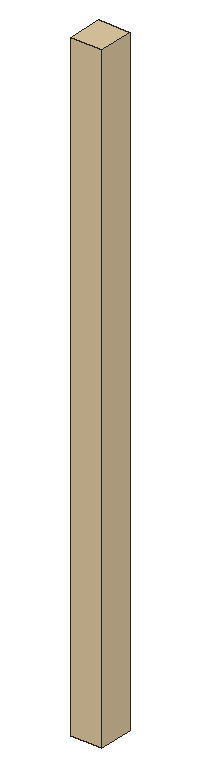
Revit family
Parameters (values of type "127 x 140")
  b = 127 mm
  d = 140 mm
  기둥 재료 [instance] = 목재 - 치수 재목
Types (3, lengths in mm): name | b
  (no name) | 127
  76 x 140 | 76
  127 x 140 | 127
Reference planes
  plane 1 "중심(앞/뒤)": y = 0
  plane 2: z = 0
  plane 3 "중심(왼쪽/오른쪽)": x = 0
  plane 4: x = -63.5
  plane 5: x = 63.5
  plane 6: y = 70
  plane 7: y = -70
Forms (mm)
  Extrusion 1, solid, material "목재 - 치수 재목" <- "기둥 재료", detail levels medium+fine
    sketch origin (0, 0, 0) x (1, 0, 0) y (0, 1, 0)
      loop
        line (-63.5, 70) -> (-63.5, -70) -> (63.5, -70) -> (63.5, 70) -> (-63.5, 70)
    from 0 to 2500
Lines and regions (mm)
  symbolic lines, style "StructuralColumnStickSymbols", detail levels coarse
    curve 1: line (-63.5, 70, 0) -> (63.5, 70, 0)
    curve 2: line (-63.5, -70, 0) -> (63.5, -70, 0)
    curve 3: line (-63.5, 70, 0) -> (-63.5, -70, 0)
    curve 4: line (63.5, 70, 0) -> (63.5, -70, 0)
Dimensions and locks
  equal spacing: plane 4, plane 3 "중심(왼쪽/오른쪽)", plane 5
  equal spacing: plane 7, plane 1 "중심(앞/뒤)", plane 6
  "d": plane 7 to plane 6
  "b": plane 4 to plane 5
  aligned and locked: plane 6 to Extrusion 1 sketch curve
  aligned and locked: Extrusion 1 sketch curve to plane 7
  aligned and locked: Extrusion 1 sketch curve to plane 4
  aligned and locked: plane 5 to Extrusion 1 sketch curve
  aligned and locked: level to Extrusion 1
  aligned and locked: level to plane 2
  aligned and locked: Extrusion 1 to plane 2
Automatic sketch dimensions
  curve 3 to plane 4 = 0 mm
  curve 4 to plane 5 = 0 mm
  curve 3 to plane 7 = 0 mm
  curve 3 to plane 6 = 0 mm
